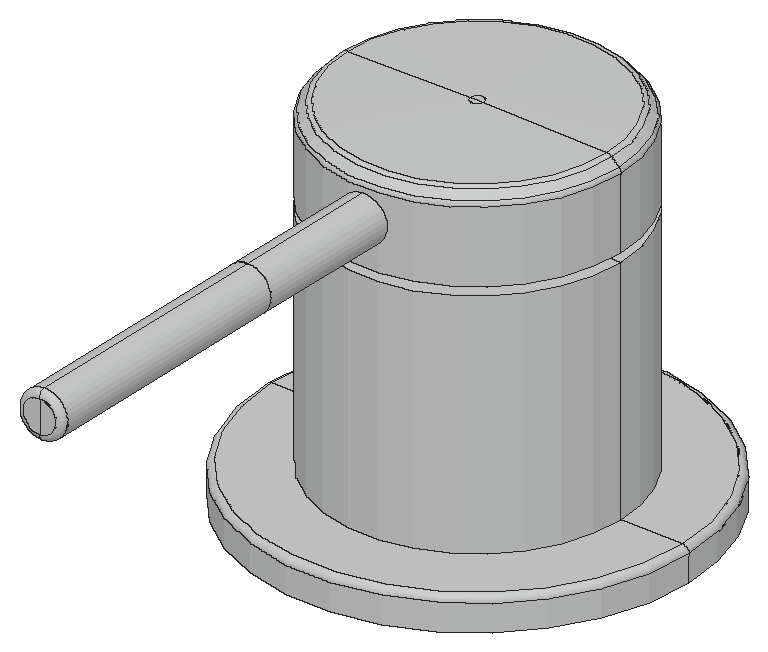
Revit family "MixerTap_Wall_Abey_PocoK_BathShower_External_FaceBased", category Plumbing Fixtures, host Face, Revit 2019
Family settings
  Host = Face
  Round Connector Dimension = Use Diameter
  Part Type = Normal
  OmniClass Number = 23.31.11.19
  OmniClass Title = Faucet Mixing Valves
  Cut with Voids When Loaded = No
  Shared = No
  Room Calculation Point = No
Parameters (values of type "Chrome (6SH-EXT-K)")
  Waste Connection = no
  Vent Connection = no
  Uniclass2015Version = "Products v1.28"
  Uniclass2015Title = "Mixer taps"
  Uniclass2015Code = "Pr_40_20_87_55"
  URL = "https://www.abey.com.au/"
  Type Comments = "Chrome"
  ModifiedIssue = 20230628
  Model = "6SH-EXT-K"
  KnurledMaterial = Metal_Abey_Chrome_Knurled
  BodyMaterial = Metal_Abey_Chrome
  ManufacturerURLProductSpecific = "https://www.abey.com.au/product/all/taps/poco-knurled-shower-mixer/"
  ManufacturerSpecCode = Model  # "6SH-EXT-K"
  ManufacturerOverallWidth = 65 mm  # constant formula
  ManufacturerOverallHeight = 116.5 mm  # constant formula
  ManufacturerOverallDepth = 55 mm  # constant formula
  Manufacturer = "Abey"  # constant formula
  Keynote = ""
  IfcExportType = "FAUCET"
  IfcExportAs = "IfcValve"
  HW Connection = yes
  Description = "Inspired by the enduring pin-lever design, this elegant tapware delivers a stunning knurled pattern that has been rolled into the material."
  Default Elevation = 0 mm
  CreatedByURL = "https://igsgroup.com.au"
  CreatedBy = "IGS BIM Solutions"  # constant formula
  Cost = 0
  CW Connection = yes
  Assembly Code = "C1030210"
Types (5, lengths in mm): name | Type Comments | Model | KnurledMaterial | BodyMaterial | ManufacturerSpecCode
  Black (6SH-EXT-KB) | "Black" | "6SH-EXT-KB" | Metal_Abey_Black_Knurled | Metal_Abey_Black | "6SH-EXT-KB"
  Brushed Brass (6SH-EXT-KBB) | "Brushed Brass" | "6SH-EXT-KBB" | Metal_Abey_Brass_Knurled | Metal_Abey_Brass | "6SH-EXT-KBB"
  Brushed Nickel (6SH-EXT-KBN) | "Brushed Nickel" | "6SH-EXT-KBN" | Metal_Abey_BrushedNickel_Knurled | Metal_Abey_BrushedNickel | "6SH-EXT-KBN"
  Chrome (6SH-EXT-K) | "Chrome" | "6SH-EXT-K" | Metal_Abey_Chrome_Knurled | Metal_Abey_Chrome | "6SH-EXT-K"
  Gun Metal (6SH-EXT-KGM) | "Gun Metal" | "6SH-EXT-KGM" | Metal_Abey_GunMetal_Knurled | Metal_Abey_GunMetal | "6SH-EXT-KGM"
Reference planes
  plane 1 "Center (Elevation)": y = -43.75
  plane 2 "Back": z = 0
  plane 3 "Center (Left/Right)": x = 18.07
  plane 4 "Bottom": y = -127.75
  plane 5 "Top": y = -11.25
  plane 6 "Left": x = -14.43
  plane 7 "Right": x = 50.57
  plane 8 "Front": z = 55
Forms (mm)
  Extrusion 1, void
    sketch origin (0, 0, 0) x (1, 0, 0) y (0, 1, 0)
      loop
        circle (18.07, -43.574) r 16.081
    from 0 to -30
Text (mm)
  text "Disclaimer:\nDue to ongoing product development and manufacturing evolution, product details are subject to change without notice. Please refer to product technical data sheets on the manufacturers website for the most current product information. Please allow a +/- 5mm manufacturing tolerance for dimensions and set-outs shown in product literature." at (151.117, 26.265, 0), in view "Ref. Level"
Dimensions and locks
  "ManufacturerOverallDepth": plane 8 "Front" to plane 2 "Back"
  "ManufacturerOverallWidth": plane 6 "Left" to plane 7 "Right"
  "ManufacturerOverallHeight": plane 4 "Bottom" to plane 5 "Top"
  equal spacing: plane 6 "Left", plane 3 "Center (Left/Right)", plane 7 "Right"
  plane 1 "Center (Elevation)" to plane 5 "Top" = 32.5 mm
  aligned and locked: plane 2 "Back" to host face
  aligned and locked: level to host face
  aligned and locked: plane 3 "Center (Left/Right)" to nested 1
  aligned and locked: nested 1 to plane 1 "Center (Elevation)"
Automatic sketch dimensions
  host sketch curve to host sketch curve = 102.112 mm
  host sketch curve to host sketch curve = 151.247 mm
  Extrusion 1 sketch curve to plane 3 "Center (Left/Right)" = 0 mm
  Extrusion 1 sketch curve to plane 1 "Center (Elevation)" = 0.176 mm
  radius of Extrusion 1 sketch curve = 16.081 mm
Nested families
  nested 1: "z_MixerTap_Wall_Abey_PocoK_BathShower_External" at (-79.951, -43.75, -65.75) x (1, 0, 0) z (0, 1, 0), type "Type 1"
Connectors
  piping at (28.07, -43.75, -1), diameter 12.7, driven by "HW Connection"
    settings: on nested 1, index 1, connector inside diameter 24", connector length 0 mm, flow factor 0, pipe flow 0.00 L/s, pressure drop 0 kPa, fitting loss kfactor 0, connector angle 0.00°, fixture units 0, engagement length 0 mm, angle of deflection 0.00°, flow configuration 2, flow direction 1, fitting loss method 0, system type 19, joint type 0, gender type 0, connector reference index -1, connector utility 1, adjustable connector no, is connector primary yes, connector description "Hot Water Supply"
  piping at (8.07, -43.75, -1), diameter 12.7, driven by "CW Connection"
    settings: on nested 1, index 2, connector inside diameter 24", connector length 0 mm, flow factor 0, pipe flow 0.00 L/s, pressure drop 0 kPa, fitting loss kfactor 0, connector angle 0.00°, fixture units 0, engagement length 0 mm, angle of deflection 0.00°, flow configuration 2, flow direction 1, fitting loss method 0, system type 20, joint type 0, gender type 0, connector reference index -1, connector utility 1, adjustable connector no, is connector primary no, connector description "Cold Water Supply"
Definition of nested family "z_MixerTap_Wall_Abey_PocoK_BathShower_External"
  Parameters (values of type "Type 1")
    Waste Connection = no
    WFU = 0
    Vent Connection = no
    Uniclass2015Version = ""
    Uniclass2015Title = ""
    Uniclass2015Code = ""
    URL = "https://www.abey.com.au/"
    Type Comments = ""
    ModifiedIssue = 0
    Model = ""
    ManufacturerURLProductSpecific = ""
    ManufacturerSpecCode = ""
    ManufacturerOverallWidth = 65 mm  # constant formula
    ManufacturerOverallHeight = 116.5 mm  # constant formula
    ManufacturerOverallDepth = 55 mm  # constant formula
    Manufacturer = "Abey"  # constant formula
    KnurledMaterial = none
    Keynote = ""
    IfcExportType = ""
    IfcExportAs = ""
    HWFU = 0
    HW Connection = yes
    Description = ""
    Default Elevation = 0 mm
    CreatedBy = "IGS BIM Solutions"  # constant formula
    CreatedByURL = "https://igsgroup.com.au"
    Cost = 0
    CWFU = 0
    CW Connection = yes
    BodyMaterial = none
    Assembly Code = ""
  Reference planes
    plane 1 "Ref. Level": z = 0
    plane 2 "Center (Left/Right)": x = 98.02
    plane 3 "Back": y = -65.75
    plane 4 "Left": x = 65.52
    plane 5 "Front": y = -120.75
    plane 6 "Right": x = 130.52
    plane 7 "Top": z = 32.5
    plane 8 "CenterOfBasePlate": z = 0
    plane 9 "Bottom": z = -84
    plane 10 "BottomOfFlange": z = -32.5
  Forms (mm)
    Revolve 1, solid, material <- "BodyMaterial"
      sketch origin (0, 0, 0) x (-1, 0, 0) y (0, -1, 0)
        loop
          line (-98.02, 65.75) -> (-65.52, 65.75) -> (-65.52, 69.75)
          arc (-65.52, 69.75) -> (-65.813, 70.457) -> (-66.52, 70.75) r 1
          line (-66.52, 70.75) -> (-98.02, 70.75) -> (-98.02, 65.75)
        axis (-98.02, 70.75) -> (-98.02, 65.75)
      angle from 0 to 360
    Revolve 2, solid, material <- "BodyMaterial"
      sketch origin (-189.564, -1524, 0) x (-1, 0, 0) y (0, -1, 0)
        loop
          line (-287.584, -1453.25) -> (-265.584, -1453.25) -> (-265.584, -1417.85) -> (-267.77, -1417.85) -> (-269.066, -1416.554) -> (-265.584, -1416.554) -> (-265.584, -1405.649)
          arc (-265.584, -1405.649) -> (-265.66, -1405.267) -> (-265.877, -1404.942) r 1
          line (-265.877, -1404.942) -> (-266.937, -1403.882)
          arc (-266.937, -1403.882) -> (-267.277, -1403.651) -> (-267.679, -1403.56) r 1.1
          arc (-267.679, -1403.56) -> (-277.13, -1403.328) -> (-286.584, -1403.25) r 575.697
          line (-286.584, -1403.25) -> (-287.584, -1403.25) -> (-287.584, -1453.25)
        axis (-287.584, -1453.25) -> (-287.584, -1403.25)
      angle from 0 to 360
    Revolve 3, solid, material <- "BodyMaterial"
      sketch origin (98.02, 0, 0) x (0, 1, 0) y (0, 0, 1)
        loop
          line (-117.598, 0) -> (-117.598, -44) -> (-114.098, -44) -> (-114.098, 0) -> (-117.598, 0)
        axis (-114.098, 0) -> (-114.098, -44)
      angle from 0 to 360
    Extrusion 4, solid, material <- "BodyMaterial"
      sketch origin (-684.381, -65.75, 3850) x (-1, 0, 0) y (0, 0, -1)
        loop
          circle (-792.401, 3850) r 6.35
        loop
          circle (-772.401, 3850) r 6.35
      from 0 to -1
    Revolve 5, solid, material <- "BodyMaterial"
      sketch origin (98.02, 0, 0) x (0, 1, 0) y (0, 0, 1)
        loop
          line (-117.598, -44) -> (-117.598, -83)
          arc (-117.598, -83) -> (-117.305, -83.707) -> (-116.598, -84) r 1
          line (-116.598, -84) -> (-114.098, -84) -> (-114.098, -44) -> (-117.598, -44)
        axis (-114.098, -44) -> (-114.098, -84)
      angle from 0 to 360
  Cuts and joins
    joined: Revolve 2, Revolve 3
  Lines and regions (mm)
    Masking region 1
      outline origin (0, 0, 32.5) x (-1, 0, 0) y (0, -1, 0)
        loop
          line (-65.52, 65.75) -> (-65.52, 69.75)
          arc (-65.52, 69.75) -> (-65.813, 70.457) -> (-66.52, 70.75) r 1
          line (-66.52, 70.75) -> (-76.02, 70.75) -> (-76.02, 106.15) -> (-78.206, 106.15) -> (-79.502, 107.446) -> (-76.02, 107.446) -> (-76.02, 118.765) -> (-77.68, 120.425)
          arc (-77.68, 120.425) -> (-98.02, 120.75) -> (-118.36, 120.425) r 636.754
          line (-118.36, 120.425) -> (-120.02, 118.765) -> (-120.02, 107.446) -> (-116.538, 107.446) -> (-117.834, 106.15) -> (-120.02, 106.15) -> (-120.02, 70.75) -> (-129.52, 70.75)
          arc (-129.52, 70.75) -> (-130.227, 70.457) -> (-130.52, 69.75) r 1
          line (-130.52, 69.75) -> (-130.52, 65.75) -> (-65.52, 65.75)
    symbolic lines, detail levels fine
      curve 1: line (76.02, -118.765, 32.5) -> (120.02, -118.765, 32.5)
      curve 3: line (78.206, -106.15, 32.5) -> (117.834, -106.15, 32.5)
      curve 5: line (77.68, -120.425, 32.5) -> (118.36, -120.425, 32.5)
    symbolic lines, detail levels medium+fine
      curve 2: line (79.502, -107.446, 32.5) -> (116.538, -107.446, 32.5)
      curve 4: line (76.02, -70.75, 32.5) -> (120.02, -70.75, 32.5)
  Dimensions and locks
    "ManufacturerOverallDepth": plane 5 "Front" to plane 3 "Back"
    "ManufacturerOverallWidth": plane 4 "Left" to plane 6 "Right"
    "ManufacturerOverallHeight": plane 7 "Top" to plane 9 "Bottom"
    locked: plane 10 "BottomOfFlange" to plane 9 "Bottom" at 51.5
    equal spacing: plane 7 "Top", plane 8 "CenterOfBasePlate", plane 10 "BottomOfFlange"
    equal spacing: plane 4 "Left", plane 2 "Center (Left/Right)", plane 6 "Right"
    aligned and locked: Revolve 1 sketch curve to plane 3 "Back"
    aligned and locked: plane 2 "Center (Left/Right)" to Revolve 1 sketch curve
    aligned and locked: Revolve 1 sketch curve to Revolve 1 sketch curve  (x2)
    aligned and locked: Revolve 2 sketch curve to plane 5 "Front"
    aligned and locked: Revolve 2 sketch curve to Revolve 2 sketch curve  (x2)
    aligned and locked: plane 8 "CenterOfBasePlate" to Extrusion 4 sketch curve  (x2)
    aligned and locked: plane 8 "CenterOfBasePlate" to Revolve 3 sketch curve
  Automatic sketch dimensions
    Revolve 1 sketch curve to plane 4 "Left" = 0 mm
    plane 3 "Back" to Revolve 1 sketch curve = 0 mm
    plane 4 "Left" to Revolve 1 sketch curve = 1 mm
    plane 3 "Back" to Revolve 1 sketch curve = 4 mm
    Revolve 3 sketch curve to plane 10 "BottomOfFlange" = 0 mm
    Revolve 3 sketch curve to plane 5 "Front" = 3.152 mm
    Revolve 3 sketch curve to Revolve 3 sketch curve = 0 mm
    Revolve 3 sketch curve to Revolve 3 sketch curve = 39.464 mm
    Masking region 1 sketch curve to plane 6 "Right" = 0 mm
    Masking region 1 sketch curve to plane 2 "Center (Left/Right)" = 0 mm
    Masking region 1 sketch curve to plane 4 "Left" = 0 mm
    plane 3 "Back" to Masking region 1 sketch curve = 0 mm
    Masking region 1 sketch curve to plane 6 "Right" = 1 mm
    Masking region 1 sketch curve to Masking region 1 sketch curve = 9.5 mm
    Masking region 1 sketch curve to Masking region 1 sketch curve = 0 mm
    Masking region 1 sketch curve to plane 5 "Front" = 0.325 mm  (x2)
    Masking region 1 sketch curve to Masking region 1 sketch curve = 1.66 mm  (x2)
    Masking region 1 sketch curve to Masking region 1 sketch curve = 2.186 mm
    Masking region 1 sketch curve to Masking region 1 sketch curve = 1.296 mm  (x4)
    plane 4 "Left" to Masking region 1 sketch curve = 13.982 mm
    Masking region 1 sketch curve to plane 5 "Front" = 1.985 mm  (x2)
    plane 3 "Back" to Masking region 1 sketch curve = 5 mm
    plane 4 "Left" to Masking region 1 sketch curve = 10.5 mm
    plane 4 "Left" to Masking region 1 sketch curve = 1 mm
    Masking region 1 sketch curve to plane 3 "Back" = 581.754 mm
    plane 3 "Back" to Masking region 1 sketch curve = 4 mm
    Masking region 1 sketch curve to Masking region 1 sketch curve = 14.275 mm
    Masking region 1 sketch curve to Masking region 1 sketch curve = 12.615 mm
    curve 1 to plane 5 "Front" = 1.985 mm
    curve 1 to plane 6 "Right" = 10.5 mm
    plane 3 "Back" to curve 4 = 5 mm
    curve 4 to plane 6 "Right" = 10.5 mm
    curve 5 to plane 5 "Front" = 0.325 mm
    curve 1 to curve 5 = 1.66 mm
    curve 3 to plane 6 "Right" = 12.686 mm
    curve 3 to curve 2 = 1.296 mm  (x2)
    plane 4 "Left" to curve 2 = 13.982 mm
    curve 2 to curve 3 = 1.296 mm
    plane 4 "Left" to curve 5 = 12.16 mm
    curve 5 to curve 1 = 1.66 mm
    plane 4 "Left" to curve 4 = 10.5 mm
    curve 2 to curve 1 = 11.319 mm
    Revolve 5 sketch curve to plane 9 "Bottom" = 0 mm
    Revolve 5 sketch curve to plane 5 "Front" = 3.152 mm
    plane 9 "Bottom" to Revolve 5 sketch curve = 1 mm
    Revolve 5 sketch curve to Revolve 5 sketch curve = 2.5 mm
    Revolve 5 sketch curve to plane 10 "BottomOfFlange" = 11.5 mm
    Revolve 5 sketch curve to Revolve 5 sketch curve = 0 mm
    Revolve 5 sketch curve to Revolve 5 sketch curve = 9.498 mm
    Revolve 5 sketch curve to Revolve 5 sketch curve = 2.913 mm
    Revolve 3 sketch curve to Revolve 3 sketch curve = 3.5 mm
    Revolve 3 sketch curve to Revolve 3 sketch curve = 4.536 mm
    Revolve 2 sketch curve to plane 2 "Center (Left/Right)" = 0 mm
    plane 5 "Front" to Revolve 2 sketch curve = 0 mm
    Revolve 2 sketch curve to Revolve 2 sketch curve = 1 mm
    plane 4 "Left" to Revolve 2 sketch curve = 13.982 mm
    Revolve 2 sketch curve to plane 5 "Front" = 1.41 mm
    Revolve 2 sketch curve to Revolve 2 sketch curve = 1.351 mm
    Revolve 2 sketch curve to Revolve 2 sketch curve = 1.296 mm  (x2)
    Revolve 2 sketch curve to plane 5 "Front" = 0.632 mm
    Revolve 2 sketch curve to Revolve 2 sketch curve = 0.778 mm
    Revolve 2 sketch curve to Revolve 2 sketch curve = 1.131 mm
    Revolve 2 sketch curve to plane 5 "Front" = 1.692 mm
    Revolve 2 sketch curve to Revolve 2 sketch curve = 0.707 mm
    Revolve 2 sketch curve to Revolve 2 sketch curve = 2.186 mm
    Revolve 2 sketch curve to Revolve 2 sketch curve = 0 mm
    Revolve 2 sketch curve to Revolve 2 sketch curve = 10.904 mm
    plane 3 "Back" to Revolve 2 sketch curve = 5 mm
    Revolve 2 sketch curve to plane 3 "Back" = 520.697 mm
    plane 2 "Center (Left/Right)" to Extrusion 4 sketch curve = 10 mm
    Extrusion 4 sketch curve to plane 2 "Center (Left/Right)" = 10 mm
    radius of Extrusion 4 sketch curve = 6.35 mm  (x2)
